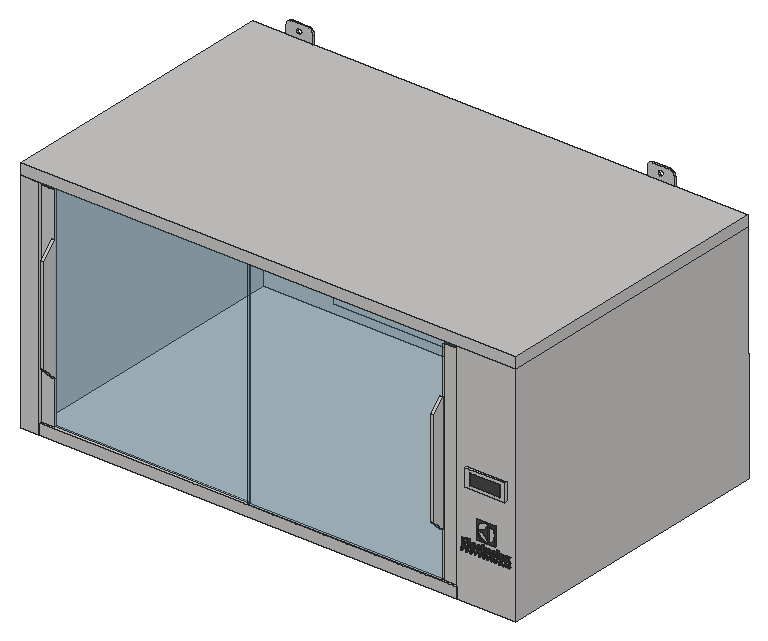
Revit family "QF_ELECTROLUXPROFESSIONAL_240428_SAFEBOXSUK", category Specialty Equipment, Revit 2018
Family settings
  Round Connector Dimension = Use Diameter
  Part Type = Normal
  Work Plane-Based = No
  Always vertical = Yes
  Cut with Voids When Loaded = No
  Shared = No
  Room Calculation Point = No
Parameters (values of type "Standard")
  Weight = 36.00 kg
  Watts = 0 W
  Volts = 220 V
  URL Manufacturer = "http://professional.electrolux.com"
  URL = "http://professional.electrolux.com"
  Steam Supply Size = 0 mm
  Steam Supply Minimum Pressure = 0.0 Pa
  Steam Supply Maximum Pressure = 0.0 Pa
  Steam Pounds per Hour = 0
  Refrigeration Suction Line Size = 0 mm
  Refrigeration Liquid Line Size = 0 mm
  Refrigerant Compressor Remote = yes
  Manufacturer = "Electrolux Professional"
  Phase = 1
  Model = "SAFEBOXSUK"
  Length Actual = 920.0 mm  # constant formula
  Item Number = "240428"
  Hot Water Size = 0 mm
  Height Actual = 450.0 mm  # constant formula
  HP = "0.8 HP"
  Gas Size = 0 mm
  Gas KW = 0
  Gas Input Pressure = 0 W
  Direct Waste Size = 0 mm
  Description = "SAFEBOX HOLD WARMING CONTAINER FOR FOOD PICK UP, TAKE AWAY AND DELIVERY (UK PLUG)"
  Depth Actual = 590.0 mm  # constant formula
  Cycle = 50 Hz
  Condensate Return Size = 0 mm
  Compressed Air Volume = 0.0 L/s
  Compressed Air Size = 0 mm
  Compressed Air Pressure = 0.0 Pa
  Cold Water Size = 0 mm
  Accessory = yes
Types (2, lengths in mm): name | URL | Manufacturer | Phase | Model | Description
  (no name) | 0.0 | 0.0 | 0 | 0.0 | 0.0
  Standard | "http://professional.electrolux.com" | "Electrolux Professional" | 1 | "SAFEBOXSUK" | "SAFEBOX HOLD WARMING CONTAINER FOR FOOD PICK UP, TAKE AWAY AND DELIVERY (UK PLUG)"
Values of the unnamed type that differ from the named types
  Volts = 0 V
  URL Manufacturer = ""
  Item Number = ""
  Cycle = 0 Hz
Reference planes
  plane 1 "Center (Front/Back)": y = 0
  plane 2: z = 0
  plane 3 "Center (Left/Right)": x = 0
  plane 4 "LEFT": x = -460
  plane 5 "RIGHT": x = 460
  plane 6 "BACK": y = 270
  plane 7 "FRONT": y = -270
  plane 8 "Base": z = 11
  plane 9 "TOP": z = 451
  plane 10: x = -430
  plane 11: y = 250
  plane 12: y = -220
  plane 13: x = 360
Forms (mm)
  Extrusion 1, solid, material "QF_Finishes_Stainless Steel"
    sketch origin (0, 0, 11) x (0, 1, 0) y (-1, 0, 0)
      loop
        line (270, 460) -> (-270, 460) -> (-270, 425) -> (250, 425) -> (250, -350) -> (-270, -350) -> (-270, -460) -> (270, -460) -> (270, 460)
    from 0 to 420
  Extrusion 2, solid, material "QF_Finishes_Stainless Steel"
    sketch origin (0, 0, 451) x (0, 1, 0) y (-1, 0, 0)
      loop
        line (270, 460) -> (-270, 460) -> (-270, -460) -> (270, -460) -> (270, 460)
    from 0 to -20
  Extrusion 3, void
    sketch origin (0, -270, 0) x (-1, 0, 0) y (0, 0, 1)
      loop
        line (140.985, 386.837) -> (-115, 386.837) -> (-115, 166) -> (140.985, 166) -> (140.985, 386.837)
    from 520 to 540
  Extrusion 4, solid, material "QF_Finishes_Stainless Steel"
    sketch origin (460, 0, 0) x (0, 1, 0) y (0, 0, 1)
      loop
        line (250, 386.837) -> (250, 166) -> (320, 166) -> (320, 386.837) -> (250, 386.837)
    from -600.985 to -345
  Extrusion 5, solid, material "QF_Finishes_Stainless Steel"
    sketch origin (0, 270, 0) x (-1, 0, 0) y (0, 0, 1)
      loop
        line (260.985, 386.837) -> (-235, 386.837) -> (-235, 76) -> (260.985, 76) -> (260.985, 386.837)
    from 0 to -60
  Extrusion 6, solid, material "Glass"
    sketch origin (0, -270, 0) x (-1, 0, 0) y (0, 0, 1)
      loop
        line (425, 431) -> (37.5, 431) -> (37.5, 31) -> (400, 31) -> (400, 426) -> (425, 426) -> (425, 431)
    from 4 to 8
  Extrusion 7, solid, material "Glass"
    sketch origin (385, -270, 0) x (-1, 0, 0) y (0, 0, 1)
      loop
        line (422.5, 431) -> (35, 431) -> (35, 426) -> (60, 426) -> (60, 31) -> (422.5, 31) -> (422.5, 431)
    from 0 to 4
  Extrusion 8, solid, material "QF_Finishes_Stainless Steel"
    sketch origin (0, 0, 0) x (0, 1, 0) y (0, 0, 1)
      loop
        line (-266, 112) -> (-266, 342.426) -> (-291.213, 317.213) -> (-291.213, 137.213) -> (-266, 112)
    from -400 to -405
  Extrusion 9, solid, material "QF_Finishes_Stainless Steel"
    sketch origin (0, -270, 0) x (-1, 0, 0) y (0, 0, 1)
      loop
        line (-350, 426) -> (-350, 31) -> (-325, 31) -> (-325, 426) -> (-350, 426)
      loop
        line (400, 426) -> (400, 31) -> (425, 31) -> (425, 426) -> (400, 426)
    from 4 to 8
  Extrusion 10, solid, material "QF_Finishes_Stainless Steel"
    sketch origin (0, 0, 451) x (0, 1, 0) y (-1, 0, 0)
      loop
        line (270, 425) -> (-270, 425) -> (-270, -350) -> (270, -350) -> (270, 425)
    from -420 to -440
  Extrusion 11, solid, material "QF_Finishes_Stainless Steel"
    sketch origin (0, 0, 0) x (0, 1, 0) y (0, 0, 1)
      loop
        line (-270, 116) -> (-270, 338.426) -> (-291.213, 317.213) -> (-291.213, 137.213) -> (-270, 116)
    from 325 to 320
  Extrusion 12, solid, material "QF_Finishes_Stainless Steel"
    sketch origin (0, -270, 0) x (-1, 0, 0) y (0, 0, 1)
      loop
        line (-368.864, 238.032) -> (-443.864, 238.032) -> (-443.864, 206) -> (-368.864, 206) -> (-368.864, 238.032)
      loop
        line (-378.864, 233.032) -> (-433.864, 233.032) -> (-433.864, 211) -> (-378.864, 211) -> (-378.864, 233.032)
    from 0 to -5
  Extrusion 13, solid, material "QF_Finishes_Black"
    sketch origin (0, -270, 0) x (-1, 0, 0) y (0, 0, 1)
      loop
        line (-378.864, 233.032) -> (-433.864, 233.032) -> (-433.864, 211) -> (-378.864, 211) -> (-378.864, 233.032)
    from 0 to -5
  Extrusion 14, solid, material "QF_Finishes_Stainless Steel"
    sketch origin (0, 270, 0) x (-1, 0, 0) y (0, 0, 1)
      loop
        circle (-420, 40) r 10
    from 0 to 2
  Extrusion 15, solid, material "QF_Finishes_Rubber Black"
    sketch origin (0, 0, 0) x (1, 0, 0) y (0, 1, 0)
      loop
        circle (-430, 250) r 15
      loop
        circle (360, 250) r 15
      loop
        circle (-430, -220) r 15
      loop
        circle (360, -220) r 15
    from 0 to 7
  Extrusion 16, solid, material "QF_Finishes_Stainless Steel"
    sketch origin (0, 0, 0) x (1, 0, 0) y (0, 1, 0)
      loop
        circle (-430, 250) r 12.5
      loop
        circle (360, 250) r 12.5
      loop
        circle (-430, -220) r 12.5
      loop
        circle (360, -220) r 12.5
    from 11 to 7
  Extrusion 17, solid, material "QF_Finishes_Black"
    sketch origin (0, -270, 0) x (-1, 0, 0) y (0, 0, 1)
      loop
        line (-365.303, 106.172) -> (-369.867, 106.172) -> (-369.867, 103.843) -> (-365.283, 103.843) -> (-364.31, 103.912)
        spline (-364.31, 103.912) -> (-363.72, 104.027) -> (-363.188, 104.196) -> (-362.713, 104.417) -> (-362.293, 104.688) -> (-361.928, 105.008) -> (-361.615, 105.374) -> (-361.354, 105.784) -> (-361.143, 106.237) -> (-360.981, 106.73) -> (-360.867, 107.261) -> (-360.8, 107.829) -> (-360.778, 108.432)
        line (-360.778, 108.432) -> (-360.778, 118.232) -> (-369.694, 118.232) -> (-369.694, 115.901) -> (-363.255, 115.901) -> (-363.255, 112.497) -> (-369.309, 112.497) -> (-369.309, 110.16) -> (-363.256, 110.16) -> (-363.256, 108.326)
        spline (-363.256, 108.326) -> (-363.281, 107.913) -> (-363.353, 107.553) -> (-363.465, 107.245) -> (-363.612, 106.983) -> (-363.787, 106.765) -> (-363.984, 106.587) -> (-364.198, 106.446) -> (-364.423, 106.338) -> (-364.651, 106.26) -> (-364.878, 106.209) -> (-365.097, 106.18) -> (-365.303, 106.172)
      loop
        line (-371.627, 111.433) -> (-371.627, 118.236) -> (-374.105, 118.236) -> (-374.105, 103.839) -> (-371.627, 103.839) -> (-371.627, 111.433)
      loop
        line (-386.378, 109.309) -> (-386.336, 108.438) -> (-378.204, 108.438)
        spline (-378.204, 108.438) -> (-378.248, 108.035) -> (-378.338, 107.658) -> (-378.472, 107.309) -> (-378.648, 106.99) -> (-378.864, 106.701) -> (-379.119, 106.446) -> (-379.411, 106.225) -> (-379.737, 106.04) -> (-380.097, 105.893) -> (-380.488, 105.786) -> (-380.909, 105.721) -> (-381.357, 105.699)
        spline (-381.357, 105.699) -> (-381.663, 105.707) -> (-381.951, 105.733) -> (-382.221, 105.776) -> (-382.476, 105.836) -> (-382.717, 105.912) -> (-382.947, 106.005) -> (-383.167, 106.114) -> (-383.378, 106.24) -> (-383.583, 106.382) -> (-383.784, 106.539) -> (-383.982, 106.713) -> (-384.179, 106.902)
        line (-384.179, 106.902) -> (-385.672, 105.45)
        spline (-385.672, 105.45) -> (-385.333, 105.112) -> (-384.988, 104.814) -> (-384.638, 104.554) -> (-384.283, 104.329) -> (-383.923, 104.138) -> (-383.559, 103.979) -> (-383.19, 103.85) -> (-382.816, 103.748) -> (-382.437, 103.673) -> (-382.054, 103.621) -> (-381.666, 103.592) -> (-381.274, 103.583)
        spline (-381.274, 103.583) -> (-380.471, 103.626) -> (-379.714, 103.756) -> (-379.009, 103.967) -> (-378.359, 104.258) -> (-377.77, 104.624) -> (-377.245, 105.062) -> (-376.789, 105.568) -> (-376.406, 106.141) -> (-376.1, 106.775) -> (-375.877, 107.468) -> (-375.739, 108.217) -> (-375.693, 109.018)
        spline (-375.693, 109.018) -> (-375.741, 109.838) -> (-375.882, 110.605) -> (-376.111, 111.315) -> (-376.422, 111.965) -> (-376.81, 112.55) -> (-377.268, 113.068) -> (-377.793, 113.516) -> (-378.378, 113.889) -> (-379.018, 114.186) -> (-379.707, 114.402) -> (-380.44, 114.534) -> (-381.212, 114.579)
        spline (-381.212, 114.579) -> (-381.967, 114.531) -> (-382.675, 114.391) -> (-383.332, 114.167) -> (-383.934, 113.862) -> (-384.479, 113.485) -> (-384.962, 113.041) -> (-385.38, 112.535) -> (-385.73, 111.975) -> (-386.008, 111.366) -> (-386.211, 110.715) -> (-386.336, 110.027) -> (-386.378, 109.309)
      loop
        line (-383.847, 110.18) -> (-378.266, 110.18)
        spline (-378.266, 110.18) -> (-378.316, 110.491) -> (-378.412, 110.789) -> (-378.551, 111.071) -> (-378.73, 111.334) -> (-378.945, 111.577) -> (-379.194, 111.796) -> (-379.473, 111.988) -> (-379.78, 112.152) -> (-380.11, 112.284) -> (-380.461, 112.381) -> (-380.829, 112.442) -> (-381.212, 112.462)
        spline (-381.212, 112.462) -> (-381.569, 112.441) -> (-381.911, 112.38) -> (-382.236, 112.281) -> (-382.54, 112.147) -> (-382.821, 111.982) -> (-383.074, 111.788) -> (-383.297, 111.568) -> (-383.486, 111.325) -> (-383.639, 111.062) -> (-383.752, 110.781) -> (-383.823, 110.487) -> (-383.847, 110.18)
      loop
        spline (-390.126, 109.081) -> (-390.155, 108.619) -> (-390.238, 108.182) -> (-390.372, 107.772) -> (-390.554, 107.392) -> (-390.781, 107.044) -> (-391.05, 106.734) -> (-391.356, 106.462) -> (-391.697, 106.233) -> (-392.069, 106.049) -> (-392.47, 105.914) -> (-392.895, 105.831) -> (-393.342, 105.803)
        spline (-393.342, 105.803) -> (-393.616, 105.811) -> (-393.879, 105.837) -> (-394.131, 105.879) -> (-394.372, 105.937) -> (-394.603, 106.011) -> (-394.826, 106.101) -> (-395.039, 106.206) -> (-395.245, 106.325) -> (-395.443, 106.459) -> (-395.634, 106.607) -> (-395.819, 106.769) -> (-395.998, 106.944)
        line (-395.998, 106.944) -> (-397.533, 105.346)
        spline (-397.533, 105.346) -> (-397.228, 105.04) -> (-396.913, 104.766) -> (-396.589, 104.521) -> (-396.258, 104.306) -> (-395.918, 104.12) -> (-395.57, 103.961) -> (-395.215, 103.829) -> (-394.853, 103.723) -> (-394.484, 103.642) -> (-394.109, 103.585) -> (-393.729, 103.552) -> (-393.342, 103.541)
        spline (-393.342, 103.541) -> (-392.568, 103.589) -> (-391.826, 103.729) -> (-391.124, 103.957) -> (-390.467, 104.267) -> (-389.863, 104.654) -> (-389.317, 105.113) -> (-388.838, 105.638) -> (-388.431, 106.224) -> (-388.102, 106.867) -> (-387.86, 107.561) -> (-387.709, 108.3) -> (-387.658, 109.081)
        spline (-387.658, 109.081) -> (-387.709, 109.861) -> (-387.86, 110.6) -> (-388.102, 111.294) -> (-388.431, 111.937) -> (-388.838, 112.523) -> (-389.317, 113.049) -> (-389.863, 113.507) -> (-390.467, 113.894) -> (-391.124, 114.204) -> (-391.826, 114.432) -> (-392.568, 114.572) -> (-393.342, 114.62)
        spline (-393.342, 114.62) -> (-393.729, 114.609) -> (-394.109, 114.576) -> (-394.484, 114.519) -> (-394.853, 114.438) -> (-395.215, 114.332) -> (-395.57, 114.2) -> (-395.918, 114.041) -> (-396.258, 113.855) -> (-396.589, 113.64) -> (-396.913, 113.395) -> (-397.228, 113.121) -> (-397.533, 112.815)
        line (-397.533, 112.815) -> (-395.998, 111.217)
        spline (-395.998, 111.217) -> (-395.819, 111.392) -> (-395.634, 111.554) -> (-395.443, 111.702) -> (-395.245, 111.836) -> (-395.039, 111.956) -> (-394.826, 112.06) -> (-394.603, 112.15) -> (-394.372, 112.224) -> (-394.131, 112.282) -> (-393.879, 112.324) -> (-393.616, 112.35) -> (-393.342, 112.359)
        spline (-393.342, 112.359) -> (-392.895, 112.33) -> (-392.47, 112.247) -> (-392.069, 112.112) -> (-391.697, 111.928) -> (-391.356, 111.699) -> (-391.05, 111.427) -> (-390.781, 111.117) -> (-390.554, 110.769) -> (-390.372, 110.389) -> (-390.238, 109.979) -> (-390.155, 109.542) -> (-390.126, 109.081)
      loop
        line (-403.852, 106.168) -> (-403.843, 103.839) -> (-402.797, 103.887)
        spline (-402.797, 103.887) -> (-402.209, 103.986) -> (-401.675, 104.138) -> (-401.195, 104.342) -> (-400.766, 104.596) -> (-400.389, 104.897) -> (-400.061, 105.244) -> (-399.782, 105.635) -> (-399.55, 106.068) -> (-399.365, 106.542) -> (-399.225, 107.053) -> (-399.129, 107.602) -> (-399.076, 108.185)
        line (-399.076, 108.185) -> (-399.076, 118.236) -> (-401.555, 118.236) -> (-401.555, 114.25) -> (-403.806, 114.25) -> (-403.806, 111.998) -> (-401.551, 111.998) -> (-401.551, 108.326)
        spline (-401.551, 108.326) -> (-401.603, 107.889) -> (-401.701, 107.513) -> (-401.839, 107.193) -> (-402.01, 106.924) -> (-402.209, 106.704) -> (-402.429, 106.527) -> (-402.664, 106.391) -> (-402.909, 106.29) -> (-403.156, 106.222) -> (-403.399, 106.181) -> (-403.634, 106.165) -> (-403.852, 106.168)
      loop
        line (-412.191, 114.394) -> (-412.191, 111.998) -> (-411.158, 112.101)
        spline (-411.158, 112.101) -> (-410.743, 112.079) -> (-410.355, 112.014) -> (-409.996, 111.907) -> (-409.668, 111.759) -> (-409.372, 111.573) -> (-409.111, 111.35) -> (-408.885, 111.091) -> (-408.697, 110.798) -> (-408.547, 110.472) -> (-408.438, 110.115) -> (-408.372, 109.728) -> (-408.349, 109.313)
        line (-408.349, 109.313) -> (-408.349, 103.839) -> (-405.891, 103.839) -> (-405.891, 114.249) -> (-408.349, 114.249) -> (-408.349, 112.701)
        spline (-408.349, 112.701) -> (-408.54, 112.99) -> (-408.758, 113.255) -> (-409.003, 113.497) -> (-409.272, 113.712) -> (-409.565, 113.902) -> (-409.881, 114.063) -> (-410.218, 114.196) -> (-410.576, 114.3) -> (-410.954, 114.372) -> (-411.349, 114.413) -> (-411.762, 114.421) -> (-412.191, 114.394)
      loop
        spline (-423.931, 109.044) -> (-423.879, 108.281) -> (-423.728, 107.553) -> (-423.485, 106.867) -> (-423.156, 106.229) -> (-422.748, 105.644) -> (-422.268, 105.118) -> (-421.723, 104.657) -> (-421.119, 104.266) -> (-420.463, 103.953) -> (-419.762, 103.721) -> (-419.022, 103.578) -> (-418.251, 103.529)
        spline (-418.251, 103.529) -> (-417.475, 103.578) -> (-416.733, 103.721) -> (-416.03, 103.953) -> (-415.374, 104.266) -> (-414.77, 104.657) -> (-414.225, 105.118) -> (-413.747, 105.644) -> (-413.341, 106.229) -> (-413.013, 106.867) -> (-412.772, 107.553) -> (-412.622, 108.281) -> (-412.57, 109.044)
        spline (-412.57, 109.044) -> (-412.622, 109.808) -> (-412.772, 110.536) -> (-413.013, 111.222) -> (-413.341, 111.86) -> (-413.747, 112.445) -> (-414.225, 112.971) -> (-414.77, 113.432) -> (-415.374, 113.822) -> (-416.03, 114.136) -> (-416.733, 114.367) -> (-417.475, 114.51) -> (-418.251, 114.559)
        spline (-418.251, 114.559) -> (-419.022, 114.51) -> (-419.762, 114.367) -> (-420.463, 114.136) -> (-421.119, 113.822) -> (-421.723, 113.432) -> (-422.268, 112.971) -> (-422.748, 112.445) -> (-423.156, 111.86) -> (-423.485, 111.222) -> (-423.728, 110.536) -> (-423.879, 109.808) -> (-423.931, 109.044)
      loop
        spline (-421.473, 109.044) -> (-421.444, 108.594) -> (-421.36, 108.164) -> (-421.225, 107.759) -> (-421.041, 107.381) -> (-420.813, 107.035) -> (-420.543, 106.723) -> (-420.236, 106.45) -> (-419.894, 106.218) -> (-419.521, 106.032) -> (-419.121, 105.895) -> (-418.696, 105.81) -> (-418.251, 105.78)
        spline (-418.251, 105.78) -> (-417.801, 105.81) -> (-417.374, 105.895) -> (-416.972, 106.032) -> (-416.599, 106.218) -> (-416.257, 106.45) -> (-415.951, 106.723) -> (-415.683, 107.035) -> (-415.456, 107.381) -> (-415.274, 107.759) -> (-415.14, 108.164) -> (-415.058, 108.594) -> (-415.029, 109.044)
        spline (-415.029, 109.044) -> (-415.058, 109.495) -> (-415.14, 109.924) -> (-415.274, 110.33) -> (-415.456, 110.708) -> (-415.683, 111.054) -> (-415.951, 111.366) -> (-416.257, 111.639) -> (-416.599, 111.87) -> (-416.972, 112.056) -> (-417.374, 112.194) -> (-417.801, 112.279) -> (-418.251, 112.308)
        spline (-418.251, 112.308) -> (-418.696, 112.279) -> (-419.121, 112.194) -> (-419.521, 112.056) -> (-419.894, 111.87) -> (-420.236, 111.639) -> (-420.543, 111.366) -> (-420.813, 111.054) -> (-421.041, 110.708) -> (-421.225, 110.33) -> (-421.36, 109.924) -> (-421.444, 109.495) -> (-421.473, 109.044)
      loop
        line (-425.455, 111.681) -> (-425.455, 118.236) -> (-427.935, 118.236) -> (-427.935, 103.839) -> (-425.455, 103.839) -> (-425.455, 111.681)
      loop
        line (-436.874, 114.249) -> (-439.372, 114.249) -> (-439.372, 108.032)
        spline (-439.372, 108.032) -> (-439.327, 107.311) -> (-439.198, 106.654) -> (-438.989, 106.062) -> (-438.708, 105.535) -> (-438.361, 105.071) -> (-437.952, 104.67) -> (-437.49, 104.332) -> (-436.98, 104.057) -> (-436.428, 103.843) -> (-435.84, 103.691) -> (-435.222, 103.601) -> (-434.581, 103.57)
        spline (-434.581, 103.57) -> (-433.945, 103.6) -> (-433.332, 103.69) -> (-432.749, 103.839) -> (-432.202, 104.05) -> (-431.696, 104.322) -> (-431.237, 104.655) -> (-430.833, 105.05) -> (-430.488, 105.507) -> (-430.209, 106.028) -> (-430.003, 106.611) -> (-429.874, 107.259) -> (-429.83, 107.97)
        line (-429.83, 107.97) -> (-429.83, 114.249) -> (-432.33, 114.249) -> (-432.33, 108.176)
        spline (-432.33, 108.176) -> (-432.349, 107.788) -> (-432.407, 107.437) -> (-432.502, 107.124) -> (-432.629, 106.847) -> (-432.789, 106.605) -> (-432.977, 106.398) -> (-433.193, 106.225) -> (-433.434, 106.085) -> (-433.697, 105.978) -> (-433.981, 105.902) -> (-434.283, 105.857) -> (-434.601, 105.843)
        spline (-434.601, 105.843) -> (-434.919, 105.857) -> (-435.222, 105.902) -> (-435.506, 105.978) -> (-435.769, 106.086) -> (-436.01, 106.227) -> (-436.226, 106.401) -> (-436.414, 106.609) -> (-436.574, 106.853) -> (-436.702, 107.133) -> (-436.796, 107.45) -> (-436.854, 107.804) -> (-436.874, 108.198)
        line (-436.874, 108.198) -> (-436.874, 114.249)
      loop
        line (-448.75, 107.168) -> (-451.132, 103.839) -> (-448.467, 103.839) -> (-445.823, 107.516) -> (-443.179, 103.839) -> (-440.515, 103.839) -> (-442.307, 106.335) -> (-444.46, 109.334) -> (-442.406, 112.143) -> (-440.866, 114.249) -> (-443.551, 114.249) -> (-445.823, 111.13) -> (-448.075, 114.249) -> (-450.781, 114.249) -> (-449.123, 111.991) -> (-447.187, 109.354) -> (-448.75, 107.168)
      loop
        arc (-362.172, 101.574) -> (-363.817, 99.929) -> (-362.172, 98.284) r 1.645
        line (-362.172, 98.284) -> (-361.277, 98.284) -> (-361.277, 96.598) -> (-360.254, 96.598) -> (-360.254, 101.574) -> (-362.172, 101.574)
      loop
        arc (-362.13, 100.634) -> (-362.835, 99.929) -> (-362.13, 99.225) r 0.704
        line (-362.13, 99.225) -> (-361.277, 99.225) -> (-361.277, 100.634) -> (-362.13, 100.634)
      loop
        arc (-369.98, 101.574) -> (-371.128, 101.107) -> (-371.622, 99.97) r 1.643
        arc (-371.622, 99.97) -> (-371.405, 99.145) -> (-370.78, 98.564) r 1.536
        line (-370.78, 98.564) -> (-371.975, 96.598) -> (-370.813, 96.598) -> (-369.832, 98.23) -> (-369.051, 98.312) -> (-369.051, 96.598) -> (-368.028, 96.598) -> (-368.028, 101.574) -> (-369.98, 101.574)
      loop
        line (-369.891, 99.245) -> (-369.051, 99.245) -> (-369.051, 100.634) -> (-369.959, 100.634)
        arc (-369.959, 100.634) -> (-370.586, 99.907) -> (-369.891, 99.245) r 0.696
      loop
        circle (-378.328, 99.086) r 2.585
      loop
        circle (-378.328, 99.086) r 1.64
      loop
        line (-385.193, 101.574) -> (-388.269, 101.574) -> (-388.269, 100.634) -> (-386.217, 100.634) -> (-386.217, 99.584) -> (-388.089, 99.584) -> (-388.089, 98.644) -> (-386.217, 98.644) -> (-386.217, 96.598) -> (-385.193, 96.598) -> (-385.193, 101.574)
      loop
        line (-392.491, 101.574) -> (-395.642, 101.574) -> (-395.642, 100.634) -> (-393.514, 100.634) -> (-393.514, 99.769) -> (-395.504, 99.769) -> (-395.504, 98.987) -> (-393.514, 98.987) -> (-393.514, 98.16)
        arc (-393.514, 98.16) -> (-393.741, 97.612) -> (-394.289, 97.385) r 0.775
        line (-394.289, 97.385) -> (-395.691, 97.385) -> (-395.691, 96.598) -> (-394.083, 96.598)
        arc (-394.083, 96.598) -> (-392.95, 97.072) -> (-392.491, 98.212) r 1.593
        line (-392.491, 98.212) -> (-392.491, 101.574)
      loop
        arc (-402.384, 100.269) -> (-401.963, 100.602) -> (-401.439, 100.718) r 1.197
        arc (-401.439, 100.718) -> (-400.968, 100.342) -> (-401.294, 99.834) r 0.45
        arc (-401.294, 99.834) -> (-401.859, 99.623) -> (-402.409, 99.377) r 9.883
        arc (-402.409, 99.377) -> (-402.845, 99.093) -> (-403.185, 98.7) r 1.876
        arc (-403.185, 98.7) -> (-403.343, 97.847) -> (-403.037, 97.035) r 1.618
        arc (-403.037, 97.035) -> (-402.346, 96.668) -> (-401.579, 96.515) r 2.696
        arc (-401.579, 96.515) -> (-400.959, 96.578) -> (-400.385, 96.823) r 2.063
        arc (-400.385, 96.823) -> (-399.932, 97.214) -> (-399.622, 97.725) r 1.914
        line (-399.622, 97.725) -> (-400.404, 98.216)
        arc (-400.404, 98.216) -> (-400.668, 97.808) -> (-401.089, 97.567) r 1.033
        arc (-401.089, 97.567) -> (-401.662, 97.452) -> (-402.203, 97.672) r 1.016
        arc (-402.203, 97.672) -> (-402.359, 98.025) -> (-402.162, 98.356) r 0.42
        arc (-402.162, 98.356) -> (-401.656, 98.632) -> (-401.122, 98.849) r 5.041
        arc (-401.122, 98.849) -> (-400.544, 99.153) -> (-400.1, 99.632) r 1.928
        arc (-400.1, 99.632) -> (-399.987, 100.071) -> (-399.976, 100.524) r 1.985
        arc (-399.976, 100.524) -> (-400.091, 100.911) -> (-400.349, 101.222) r 1.013
        arc (-400.349, 101.222) -> (-400.896, 101.533) -> (-401.512, 101.657) r 1.974
        arc (-401.512, 101.657) -> (-402.438, 101.438) -> (-403.12, 100.774) r 1.782
        line (-403.12, 100.774) -> (-402.384, 100.269)
      loop
        arc (-409.903, 100.269) -> (-409.482, 100.602) -> (-408.958, 100.718) r 1.197
        arc (-408.958, 100.718) -> (-408.486, 100.342) -> (-408.812, 99.834) r 0.45
        arc (-408.812, 99.834) -> (-409.377, 99.623) -> (-409.928, 99.377) r 9.883
        arc (-409.928, 99.377) -> (-410.363, 99.093) -> (-410.703, 98.7) r 1.876
        arc (-410.703, 98.7) -> (-410.861, 97.847) -> (-410.556, 97.035) r 1.618
        arc (-410.556, 97.035) -> (-409.865, 96.668) -> (-409.097, 96.515) r 2.696
        arc (-409.097, 96.515) -> (-408.477, 96.578) -> (-407.903, 96.823) r 2.063
        arc (-407.903, 96.823) -> (-407.451, 97.214) -> (-407.141, 97.725) r 1.914
        line (-407.141, 97.725) -> (-407.922, 98.216)
        arc (-407.922, 98.216) -> (-408.186, 97.808) -> (-408.607, 97.567) r 1.033
        arc (-408.607, 97.567) -> (-409.18, 97.452) -> (-409.721, 97.672) r 1.016
        arc (-409.721, 97.672) -> (-409.877, 98.025) -> (-409.68, 98.356) r 0.42
        arc (-409.68, 98.356) -> (-409.174, 98.632) -> (-408.64, 98.849) r 5.041
        arc (-408.64, 98.849) -> (-408.062, 99.153) -> (-407.619, 99.632) r 1.928
        arc (-407.619, 99.632) -> (-407.505, 100.071) -> (-407.494, 100.524) r 1.985
        arc (-407.494, 100.524) -> (-407.61, 100.911) -> (-407.868, 101.222) r 1.013
        arc (-407.868, 101.222) -> (-408.414, 101.533) -> (-409.03, 101.657) r 1.974
        arc (-409.03, 101.657) -> (-409.956, 101.438) -> (-410.638, 100.774) r 1.782
        line (-410.638, 100.774) -> (-409.903, 100.269)
      loop
        line (-415.094, 101.574) -> (-416.118, 101.574) -> (-416.118, 96.598) -> (-415.094, 96.598) -> (-415.094, 101.574)
      loop
        circle (-423.017, 99.086) r 1.548
      loop
        circle (-423.017, 99.086) r 2.585
      loop
        line (-429.882, 96.598) -> (-429.882, 101.574) -> (-430.878, 101.574) -> (-433.154, 98.351) -> (-433.154, 101.574) -> (-434.188, 101.574) -> (-434.188, 96.598) -> (-433.193, 96.598) -> (-430.916, 99.727) -> (-430.916, 96.598) -> (-429.882, 96.598)
      loop
        line (-439.347, 96.598) -> (-438.249, 96.598) -> (-440.753, 101.574) -> (-443.258, 96.598) -> (-442.158, 96.598) -> (-441.673, 97.671) -> (-439.832, 97.671) -> (-439.347, 96.598)
      loop
        line (-440.753, 99.714) -> (-441.214, 98.692) -> (-440.291, 98.692) -> (-440.753, 99.714)
      loop
        line (-448.34, 97.539) -> (-450.254, 97.539) -> (-450.254, 96.598) -> (-447.317, 96.598) -> (-447.317, 101.574) -> (-448.34, 101.574) -> (-448.34, 97.539)
      loop
        line (-388.337, 123.178) -> (-388.337, 157.751) -> (-422.957, 157.751) -> (-422.957, 123.178) -> (-388.337, 123.178)
      loop
        arc (-410.269, 156.054) -> (-421.768, 140.5) -> (-410.269, 124.946) r 16.269
        line (-410.269, 124.946) -> (-410.269, 156.054)
      loop
        arc (-408.687, 153.801) -> (-403.858, 145.134) -> (-394.664, 141.402) r 14.944
        line (-394.664, 141.402) -> (-389.517, 141.402)
        arc (-389.517, 141.402) -> (-395.75, 153.113) -> (-408.687, 156.054) r 15.943
        line (-408.687, 156.054) -> (-408.687, 153.801)
      loop
        line (-389.517, 139.598) -> (-394.664, 139.598)
        arc (-394.664, 139.598) -> (-403.858, 135.866) -> (-408.687, 127.199) r 14.944
        line (-408.687, 127.199) -> (-408.687, 124.547)
        arc (-408.687, 124.547) -> (-395.74, 127.79) -> (-389.517, 139.598) r 16.36
    from 0 to -1.6
  Extrusion 18, solid, material "QF_Finishes_Stainless Steel"
    sketch origin (0, 270, 0) x (-1, 0, 0) y (0, 0, 1)
      loop
        line (398.117, 431) -> (398.117, 466)
        arc (398.117, 466) -> (395.188, 473.071) -> (388.117, 476) r 10
        line (388.117, 476) -> (358.117, 476)
        arc (358.117, 476) -> (351.046, 473.071) -> (348.117, 466) r 10
        line (348.117, 466) -> (348.117, 431) -> (398.117, 431)
      loop
        circle (373.117, 463.03) r 5
      loop
        line (-323.117, 431) -> (-273.117, 431) -> (-273.117, 466)
        arc (-273.117, 466) -> (-276.046, 473.071) -> (-283.117, 476) r 10
        line (-283.117, 476) -> (-313.117, 476)
        arc (-313.117, 476) -> (-320.188, 473.071) -> (-323.117, 466) r 10
        line (-323.117, 466) -> (-323.117, 431)
      loop
        circle (-298.117, 463.03) r 5
    from 1.641 to 0
  Extrusion 19, solid, material "QF_Door-Drawer Clearances", detail levels coarse
    sketch origin (0, 0, 0) x (0, 1, 0) y (0, 0, 1)
      loop
        line (-266, 112) -> (-266, 342.426) -> (-291.213, 317.213) -> (-291.213, 137.213) -> (-266, 112)
    from -63 to -68
  Extrusion 20, solid, material "QF_Door-Drawer Clearances", detail levels coarse
    sketch origin (337, -270, 0) x (-1, 0, 0) y (0, 0, 1)
      loop
        line (400, 426) -> (400, 31) -> (425, 31) -> (425, 426) -> (400, 426)
    from 4 to 8
Cuts and joins
  Extrusion 3 cuts Extrusion 1
  joined: Extrusion 8, Extrusion 9, Extrusion 11
Lines and regions (mm)
  symbolic lines
    curve 1: line (-460, 270, 0) -> (460, 270, 0)
    curve 2: line (-460, -270, 0) -> (-460, 270, 0)
    curve 3: line (460, -270, 0) -> (-460, -270, 0)
    curve 4: line (460, 270, 0) -> (460, -270, 0)
    curve 5: line (115, 320, 0) -> (-140.985, 320, 0)
    curve 6: line (-140.985, 320, 0) -> (-140.985, 270, 0)
    curve 7: line (115, 270, 0) -> (115, 320, 0)
    curve 8: line (-405, -270, 0) -> (-405, -291.213, 0)
    curve 9: line (-405, -291.213, 0) -> (-400, -291.213, 0)
    curve 10: line (-400, -291.213, 0) -> (-400, -270, 0)
    curve 11: line (320, -270, 0) -> (320, -291.213, 0)
    curve 12: line (320, -291.213, 0) -> (325, -291.213, 0)
    curve 13: line (325, -291.213, 0) -> (325, -270, 0)
    curve 17: line (368.864, -275, 0) -> (368.864, -270, 0)
    curve 18: line (368.864, -275, 0) -> (443.864, -275, 0)
    curve 19: line (443.864, -275, 0) -> (443.864, -270, 0)
    curve 20: line (-398.117, 270, 0) -> (-398.117, 271.641, 0)
    curve 21: line (-398.117, 271.641, 0) -> (-348.117, 271.641, 0)
    curve 22: line (-348.117, 271.641, 0) -> (-348.117, 270, 0)
    curve 23: line (273.117, 270, 0) -> (273.117, 271.641, 0)
    curve 24: line (273.117, 271.641, 0) -> (323.117, 271.641, 0)
    curve 25: line (323.117, 271.641, 0) -> (323.117, 270, 0)
    curve 26: line (410, 272, 0) -> (430, 272, 0)
    curve 27: line (430, 272, 0) -> (430, 270, 0)
    curve 28: line (410, 272, 0) -> (410, 270, 0)
  symbolic lines, style "SpecialityEquipmentHiddenLines"
    curve 14: line (-68, -270, 0) -> (-68, -291.213, 0)
    curve 15: line (-68, -291.213, 0) -> (-63, -291.213, 0)
    curve 16: line (-63, -291.213, 0) -> (-63, -270, 0)
Dimensions and locks
  plane 4 "LEFT" to plane 5 "RIGHT" = 920.0 mm
  equal spacing: plane 4 "LEFT", plane 3 "Center (Left/Right)", plane 5 "RIGHT"
  equal spacing: plane 6 "BACK", plane 1 "Center (Front/Back)", plane 7 "FRONT"
  plane 6 "BACK" to plane 7 "FRONT" = 540.0 mm  (x2)
  plane 8 "Base" to level = 11.0 mm
  plane 9 "TOP" to level = 451.0 mm
  plane 9 "TOP" to cut or joined group of Extrusion 1, Extrusion 3 = 64.163 mm
  level to cut or joined group of Extrusion 1, Extrusion 3 = 166.0 mm
  plane 4 "LEFT" to plane 10 = 30.0 mm
  plane 13 to plane 5 "RIGHT" = 100.0 mm
  plane 6 "BACK" to plane 11 = 20.0 mm
  plane 12 to plane 7 "FRONT" = 50.0 mm
  Extrusion 4 to Extrusion 2 = 590.0 mm
  aligned and locked: level to plane 2
Automatic sketch dimensions
  Extrusion 1 sketch curve to plane 4 "LEFT" = 0.0 mm
  Extrusion 1 sketch curve to plane 7 "FRONT" = 0.0 mm  (x2)
  Extrusion 1 sketch curve to plane 5 "RIGHT" = 0.0 mm
  Extrusion 1 sketch curve to plane 11 = 0.0 mm
  Extrusion 1 sketch curve to plane 6 "BACK" = 0.0 mm
  Extrusion 1 sketch curve to plane 13 = 10.0 mm
  plane 10 to Extrusion 1 sketch curve = 5.0 mm
  Extrusion 2 sketch curve to plane 4 "LEFT" = 0.0 mm
  Extrusion 2 sketch curve to plane 7 "FRONT" = 0.0 mm
  Extrusion 2 sketch curve to plane 6 "BACK" = 0.0 mm
  Extrusion 2 sketch curve to plane 5 "RIGHT" = 0.0 mm
  plane 3 "Center (Left/Right)" to Extrusion 3 sketch curve = 115.0 mm
  Extrusion 3 sketch curve to plane 3 "Center (Left/Right)" = 140.985 mm
  plane 8 "Base" to Extrusion 3 sketch curve = 155.0 mm
  Extrusion 3 sketch curve to plane 9 "TOP" = 64.163 mm
  Extrusion 4 sketch curve to plane 11 = 0.0 mm
  plane 6 "BACK" to Extrusion 4 sketch curve = 50.0 mm
  plane 8 "Base" to Extrusion 4 sketch curve = 155.0 mm
  Extrusion 4 sketch curve to plane 9 "TOP" = 64.163 mm
  Extrusion 5 sketch curve to plane 13 = 125.0 mm
  Extrusion 5 sketch curve to plane 9 "TOP" = 64.163 mm
  plane 10 to Extrusion 5 sketch curve = 169.015 mm
  plane 8 "Base" to Extrusion 5 sketch curve = 65.0 mm
  Extrusion 6 sketch curve to plane 3 "Center (Left/Right)" = 37.5 mm
  plane 10 to Extrusion 6 sketch curve = 30.0 mm
  plane 10 to Extrusion 6 sketch curve = 5.0 mm
  plane 8 "Base" to Extrusion 6 sketch curve = 20.0 mm
  Extrusion 6 sketch curve to plane 9 "TOP" = 25.0 mm
  Extrusion 6 sketch curve to plane 9 "TOP" = 20.0 mm
  Extrusion 7 sketch curve to plane 13 = 10.0 mm
  Extrusion 7 sketch curve to plane 13 = 35.0 mm
  Extrusion 7 sketch curve to plane 3 "Center (Left/Right)" = 37.5 mm
  plane 8 "Base" to Extrusion 7 sketch curve = 20.0 mm
  Extrusion 7 sketch curve to plane 9 "TOP" = 25.0 mm
  Extrusion 7 sketch curve to Extrusion 7 sketch curve = 5.0 mm
  Extrusion 8 sketch curve to plane 7 "FRONT" = 21.213 mm
  plane 7 "FRONT" to Extrusion 8 sketch curve = 4.0 mm
  plane 8 "Base" to Extrusion 8 sketch curve = 101.0 mm
  Extrusion 8 sketch curve to Extrusion 8 sketch curve = 25.213 mm  (x2)
  Extrusion 8 sketch curve to plane 9 "TOP" = 133.787 mm
  Extrusion 9 sketch curve to plane 13 = 10.0 mm
  Extrusion 9 sketch curve to Extrusion 9 sketch curve = 25.0 mm
  plane 10 to Extrusion 9 sketch curve = 30.0 mm
  plane 10 to Extrusion 9 sketch curve = 5.0 mm
  plane 8 "Base" to Extrusion 9 sketch curve = 20.0 mm  (x2)
  Extrusion 9 sketch curve to plane 9 "TOP" = 25.0 mm  (x2)
  Extrusion 10 sketch curve to plane 7 "FRONT" = 0.0 mm
  Extrusion 10 sketch curve to plane 6 "BACK" = 0.0 mm
  Extrusion 10 sketch curve to plane 13 = 10.0 mm
  plane 10 to Extrusion 10 sketch curve = 5.0 mm
  Extrusion 11 sketch curve to plane 7 "FRONT" = 0.0 mm
  Extrusion 11 sketch curve to plane 7 "FRONT" = 21.213 mm
  plane 8 "Base" to Extrusion 11 sketch curve = 105.0 mm
  Extrusion 11 sketch curve to Extrusion 11 sketch curve = 21.213 mm  (x2)
  Extrusion 11 sketch curve to plane 9 "TOP" = 133.787 mm
  Extrusion 12 sketch curve to plane 5 "RIGHT" = 16.136 mm
  Extrusion 12 sketch curve to Extrusion 12 sketch curve = 10.0 mm
  plane 13 to Extrusion 12 sketch curve = 18.864 mm
  plane 13 to Extrusion 12 sketch curve = 8.864 mm
  plane 8 "Base" to Extrusion 12 sketch curve = 195.0 mm
  Extrusion 12 sketch curve to Extrusion 12 sketch curve = 5.0 mm  (x2)
  Extrusion 12 sketch curve to Extrusion 12 sketch curve = 22.032 mm
  Extrusion 13 sketch curve to plane 5 "RIGHT" = 26.136 mm
  plane 13 to Extrusion 13 sketch curve = 18.864 mm
  plane 8 "Base" to Extrusion 13 sketch curve = 200.0 mm
  Extrusion 13 sketch curve to Extrusion 13 sketch curve = 22.032 mm
  Extrusion 14 sketch curve to plane 5 "RIGHT" = 40.0 mm
  plane 8 "Base" to Extrusion 14 sketch curve = 29.0 mm
  Extrusion 15 sketch curve to plane 10 = 0.0 mm  (x2)
  Extrusion 15 sketch curve to plane 12 = 0.0 mm  (x2)
  Extrusion 15 sketch curve to plane 13 = 0.0 mm  (x2)
  Extrusion 15 sketch curve to plane 11 = 0.0 mm  (x2)
  Extrusion 16 sketch curve to plane 10 = 0.0 mm  (x2)
  Extrusion 16 sketch curve to plane 12 = 0.0 mm  (x2)
  Extrusion 16 sketch curve to plane 13 = 0.0 mm  (x2)
  Extrusion 16 sketch curve to plane 11 = 0.0 mm  (x2)
  Extrusion 17 sketch curve to Extrusion 17 sketch curve = 0.0 mm  (x37)
  Extrusion 17 sketch curve to plane 5 "RIGHT" = 8.868 mm
  Extrusion 17 sketch curve to plane 5 "RIGHT" = 9.219 mm
  Extrusion 17 sketch curve to Extrusion 17 sketch curve = 0.877 mm
  Extrusion 17 sketch curve to Extrusion 17 sketch curve = 1.658 mm
  Extrusion 17 sketch curve to Extrusion 17 sketch curve = 2.381 mm
  Extrusion 17 sketch curve to Extrusion 17 sketch curve = 2.664 mm
  Extrusion 17 sketch curve to Extrusion 17 sketch curve = 1.914 mm
  Extrusion 17 sketch curve to Extrusion 17 sketch curve = 1.048 mm
  Extrusion 17 sketch curve to Extrusion 17 sketch curve = 1.023 mm  (x5)
  Extrusion 17 sketch curve to Extrusion 17 sketch curve = 1.563 mm
  Extrusion 17 sketch curve to Extrusion 17 sketch curve = 1.364 mm  (x2)
  Extrusion 17 sketch curve to Extrusion 17 sketch curve = 1.363 mm
  Extrusion 17 sketch curve to Extrusion 17 sketch curve = 2.272 mm  (x3)
  Extrusion 17 sketch curve to Extrusion 17 sketch curve = 4.059 mm
  Extrusion 17 sketch curve to Extrusion 17 sketch curve = 2.643 mm
  Extrusion 17 sketch curve to Extrusion 17 sketch curve = 1.145 mm
  Extrusion 17 sketch curve to Extrusion 17 sketch curve = 0.872 mm
  Extrusion 17 sketch curve to Extrusion 17 sketch curve = 1.1 mm
  Extrusion 17 sketch curve to Extrusion 17 sketch curve = 0.485 mm  (x2)
  Extrusion 17 sketch curve to Extrusion 17 sketch curve = 0.459 mm  (x4)
  Extrusion 17 sketch curve to Extrusion 17 sketch curve = 1.54 mm
  Extrusion 17 sketch curve to Extrusion 17 sketch curve = 0.461 mm
  Extrusion 17 sketch curve to Extrusion 17 sketch curve = 0.238 mm
  Extrusion 17 sketch curve to Extrusion 17 sketch curve = 0.922 mm
  Extrusion 17 sketch curve to Extrusion 17 sketch curve = 2.935 mm
  Extrusion 17 sketch curve to Extrusion 17 sketch curve = 1.099 mm
  Extrusion 17 sketch curve to Extrusion 17 sketch curve = 2.498 mm  (x2)
  Extrusion 17 sketch curve to Extrusion 17 sketch curve = 2.273 mm
  Extrusion 17 sketch curve to Extrusion 17 sketch curve = 0.02 mm
  Extrusion 17 sketch curve to Extrusion 17 sketch curve = 4.061 mm
  Extrusion 17 sketch curve to Extrusion 17 sketch curve = 0.995 mm  (x2)
  Extrusion 17 sketch curve to Extrusion 17 sketch curve = 0.039 mm  (x2)
  Extrusion 17 sketch curve to Extrusion 17 sketch curve = 2.277 mm
  Extrusion 17 sketch curve to Extrusion 17 sketch curve = 2.499 mm
  Extrusion 17 sketch curve to Extrusion 17 sketch curve = 1.948 mm
  Extrusion 17 sketch curve to Extrusion 17 sketch curve = 4.375 mm
  Extrusion 17 sketch curve to Extrusion 17 sketch curve = 1.524 mm
  Extrusion 17 sketch curve to Extrusion 17 sketch curve = 2.438 mm
  Extrusion 17 sketch curve to Extrusion 17 sketch curve = 2.458 mm  (x2)
  Extrusion 17 sketch curve to Extrusion 17 sketch curve = 3.221 mm  (x2)
  Extrusion 17 sketch curve to Extrusion 17 sketch curve = 2.133 mm
  Extrusion 17 sketch curve to Extrusion 17 sketch curve = 3.222 mm
  Extrusion 17 sketch curve to Extrusion 17 sketch curve = 2.459 mm
  Extrusion 17 sketch curve to Extrusion 17 sketch curve = 0.379 mm
  Extrusion 17 sketch curve to Extrusion 17 sketch curve = 1.033 mm
  Extrusion 17 sketch curve to Extrusion 17 sketch curve = 4.456 mm
  Extrusion 17 sketch curve to Extrusion 17 sketch curve = 12.687 mm
  Extrusion 17 sketch curve to Extrusion 17 sketch curve = 0.735 mm  (x2)
  Extrusion 17 sketch curve to Extrusion 17 sketch curve = 0.432 mm  (x2)
  Extrusion 17 sketch curve to Extrusion 17 sketch curve = 0.445 mm  (x2)
  Extrusion 17 sketch curve to Extrusion 17 sketch curve = 0.209 mm  (x2)
  Extrusion 17 sketch curve to Extrusion 17 sketch curve = 0.236 mm  (x2)
  Extrusion 17 sketch curve to Extrusion 17 sketch curve = 0.12 mm  (x2)
  Extrusion 17 sketch curve to Extrusion 17 sketch curve = 0.365 mm  (x2)
  Extrusion 17 sketch curve to Extrusion 17 sketch curve = 0.007 mm  (x2)
  Extrusion 17 sketch curve to Extrusion 17 sketch curve = 0.164 mm  (x4)
  Extrusion 17 sketch curve to Extrusion 17 sketch curve = 0.093 mm  (x2)
  Extrusion 17 sketch curve to Extrusion 17 sketch curve = 0.137 mm  (x2)
  Extrusion 17 sketch curve to Extrusion 17 sketch curve = 0.009 mm  (x5)
  Extrusion 17 sketch curve to Extrusion 17 sketch curve = 0.168 mm  (x2)
  Extrusion 17 sketch curve to Extrusion 17 sketch curve = 0.079 mm  (x2)
  Extrusion 17 sketch curve to Extrusion 17 sketch curve = 0.094 mm  (x2)
  Extrusion 17 sketch curve to Extrusion 17 sketch curve = 1.582 mm  (x2)
  Extrusion 17 sketch curve to Extrusion 17 sketch curve = 0.427 mm  (x2)
  Extrusion 17 sketch curve to Extrusion 17 sketch curve = 2.809 mm  (x2)
  Extrusion 17 sketch curve to Extrusion 17 sketch curve = 0.886 mm
  Extrusion 17 sketch curve to Extrusion 17 sketch curve = 0.99 mm  (x2)
  Extrusion 17 sketch curve to Extrusion 17 sketch curve = 0.782 mm  (x3)
  Extrusion 17 sketch curve to Extrusion 17 sketch curve = 0.126 mm  (x2)
  Extrusion 17 sketch curve to Extrusion 17 sketch curve = 2.844 mm
  Extrusion 17 sketch curve to Extrusion 17 sketch curve = 1.389 mm  (x2)
  Extrusion 17 sketch curve to Extrusion 17 sketch curve = 0.343 mm
  Extrusion 17 sketch curve to Extrusion 17 sketch curve = 0.068 mm
  Extrusion 17 sketch curve to Extrusion 17 sketch curve = 2.039 mm
  Extrusion 17 sketch curve to Extrusion 17 sketch curve = 2.048 mm
  Extrusion 17 sketch curve to Extrusion 17 sketch curve = 2.085 mm
  Extrusion 17 sketch curve to Extrusion 17 sketch curve = 0.724 mm
  Extrusion 17 sketch curve to Extrusion 17 sketch curve = 1.046 mm
  Extrusion 17 sketch curve to Extrusion 17 sketch curve = 2.251 mm  (x3)
  Extrusion 17 sketch curve to Extrusion 17 sketch curve = 0.003 mm
  Extrusion 17 sketch curve to Extrusion 17 sketch curve = 2.479 mm
  Extrusion 17 sketch curve to Extrusion 17 sketch curve = 1.543 mm
  Extrusion 17 sketch curve to Extrusion 17 sketch curve = 4.018 mm
  Extrusion 17 sketch curve to Extrusion 17 sketch curve = 1.535 mm  (x2)
  Extrusion 17 sketch curve to Extrusion 17 sketch curve = 3.932 mm
  Extrusion 17 sketch curve to Extrusion 17 sketch curve = 0.048 mm
  Extrusion 17 sketch curve to Extrusion 17 sketch curve = 0.138 mm
  Extrusion 17 sketch curve to Extrusion 17 sketch curve = 10.768 mm
  Extrusion 17 sketch curve to Extrusion 17 sketch curve = 1.215 mm
  Extrusion 17 sketch curve to Extrusion 17 sketch curve = 0.206 mm  (x2)
  Extrusion 17 sketch curve to Extrusion 17 sketch curve = 5.117 mm
  Extrusion 17 sketch curve to Extrusion 17 sketch curve = 14.728 mm
  Extrusion 17 sketch curve to Extrusion 17 sketch curve = 0.569 mm
  Extrusion 17 sketch curve to Extrusion 17 sketch curve = 2.656 mm
  Extrusion 17 sketch curve to Extrusion 17 sketch curve = 0.172 mm
  Extrusion 17 sketch curve to Extrusion 17 sketch curve = 3.216 mm
  Extrusion 17 sketch curve to Extrusion 17 sketch curve = 5.147 mm
  Extrusion 17 sketch curve to Extrusion 17 sketch curve = 5.622 mm
  Extrusion 17 sketch curve to Extrusion 17 sketch curve = 4.222 mm
  Extrusion 17 sketch curve to Extrusion 17 sketch curve = 0.18 mm
  Extrusion 17 sketch curve to Extrusion 17 sketch curve = 2.469 mm
  Extrusion 17 sketch curve to Extrusion 17 sketch curve = 1.28 mm
  Extrusion 17 sketch curve to Extrusion 17 sketch curve = 0.041 mm  (x2)
  Extrusion 17 sketch curve to Extrusion 17 sketch curve = 1.873 mm
  Extrusion 17 sketch curve to Extrusion 17 sketch curve = 0.664 mm
  Extrusion 17 sketch curve to Extrusion 17 sketch curve = 1.494 mm
  Extrusion 17 sketch curve to Extrusion 17 sketch curve = 2.531 mm
  Extrusion 17 sketch curve to Extrusion 17 sketch curve = 2.822 mm
  Extrusion 17 sketch curve to Extrusion 17 sketch curve = 0.083 mm
  Extrusion 17 sketch curve to Extrusion 17 sketch curve = 2.635 mm
  Extrusion 17 sketch curve to Extrusion 17 sketch curve = 2.946 mm  (x2)
  Extrusion 17 sketch curve to Extrusion 17 sketch curve = 0.062 mm
  Extrusion 17 sketch curve to Extrusion 17 sketch curve = 2.511 mm
  Extrusion 17 sketch curve to Extrusion 17 sketch curve = 7.106 mm
  Extrusion 17 sketch curve to Extrusion 17 sketch curve = 6.354 mm
  Extrusion 17 sketch curve to Extrusion 17 sketch curve = 2.478 mm
  Extrusion 17 sketch curve to Extrusion 17 sketch curve = 1.161 mm
  Extrusion 17 sketch curve to Extrusion 17 sketch curve = 0.033 mm
  Extrusion 17 sketch curve to Extrusion 17 sketch curve = 0.694 mm
  Extrusion 17 sketch curve to Extrusion 17 sketch curve = 0.106 mm  (x2)
  Extrusion 17 sketch curve to Extrusion 17 sketch curve = 0.021 mm  (x2)
  Extrusion 17 sketch curve to Extrusion 17 sketch curve = 0.09 mm
  Extrusion 17 sketch curve to Extrusion 17 sketch curve = 1.76 mm
  Extrusion 17 sketch curve to Extrusion 17 sketch curve = 0.948 mm
  Extrusion 17 sketch curve to Extrusion 17 sketch curve = 1.933 mm
  Extrusion 17 sketch curve to Extrusion 17 sketch curve = 2.318 mm
  Extrusion 17 sketch curve to Extrusion 17 sketch curve = 1.762 mm
  Extrusion 17 sketch curve to Extrusion 17 sketch curve = 0.908 mm
  Extrusion 17 sketch curve to Extrusion 17 sketch curve = 4.563 mm
  Extrusion 17 sketch curve to Extrusion 17 sketch curve = 0.973 mm
  plane 13 to Extrusion 17 sketch curve = 3.256 mm
  plane 13 to Extrusion 17 sketch curve = 3.255 mm
  plane 13 to Extrusion 17 sketch curve = 2.172 mm
  plane 13 to Extrusion 17 sketch curve = 1.277 mm
  Extrusion 17 sketch curve to Extrusion 17 sketch curve = 0.853 mm
  plane 13 to Extrusion 17 sketch curve = 0.778 mm
  plane 13 to Extrusion 17 sketch curve = 0.254 mm
  plane 8 "Base" to Extrusion 17 sketch curve = 79.479 mm
  Extrusion 17 sketch curve to Extrusion 17 sketch curve = 3.598 mm  (x2)
  Extrusion 17 sketch curve to Extrusion 17 sketch curve = 2.521 mm  (x3)
  Extrusion 17 sketch curve to Extrusion 17 sketch curve = 6.119 mm  (x2)
  Extrusion 17 sketch curve to Extrusion 17 sketch curve = 0.787 mm
  Extrusion 17 sketch curve to Extrusion 17 sketch curve = 0.941 mm  (x3)
  Extrusion 17 sketch curve to Extrusion 17 sketch curve = 1.073 mm
  Extrusion 17 sketch curve to Extrusion 17 sketch curve = 3.602 mm  (x2)
  Extrusion 17 sketch curve to Extrusion 17 sketch curve = 0.046 mm  (x2)
  Extrusion 17 sketch curve to Extrusion 17 sketch curve = 0.311 mm  (x2)
  Extrusion 17 sketch curve to Extrusion 17 sketch curve = 0.031 mm
  Extrusion 17 sketch curve to Extrusion 17 sketch curve = 0.491 mm  (x2)
  Extrusion 17 sketch curve to Extrusion 17 sketch curve = 1.632 mm
  Extrusion 17 sketch curve to Extrusion 17 sketch curve = 1.686 mm
  Extrusion 17 sketch curve to Extrusion 17 sketch curve = 0.082 mm
  Extrusion 17 sketch curve to Extrusion 17 sketch curve = 1.753 mm
  Extrusion 17 sketch curve to Extrusion 17 sketch curve = 0.014 mm  (x2)
  Extrusion 17 sketch curve to Extrusion 17 sketch curve = 0.109 mm  (x2)
  Extrusion 17 sketch curve to Extrusion 17 sketch curve = 0.334 mm
  Extrusion 17 sketch curve to Extrusion 17 sketch curve = 0.018 mm  (x2)
  Extrusion 17 sketch curve to Extrusion 17 sketch curve = 2.046 mm
  Extrusion 17 sketch curve to Extrusion 17 sketch curve = 1.021 mm  (x2)
  Extrusion 17 sketch curve to Extrusion 17 sketch curve = 0.827 mm
  Extrusion 17 sketch curve to Extrusion 17 sketch curve = 2.488 mm  (x2)
  Extrusion 17 sketch curve to Extrusion 17 sketch curve = 0.631 mm  (x2)
  Extrusion 17 sketch curve to Extrusion 17 sketch curve = 0.934 mm
  Extrusion 17 sketch curve to Extrusion 17 sketch curve = 0.313 mm  (x2)
  Extrusion 17 sketch curve to Extrusion 17 sketch curve = 0.94 mm  (x3)
  Extrusion 17 sketch curve to Extrusion 17 sketch curve = 0.163 mm  (x2)
  Extrusion 17 sketch curve to Extrusion 17 sketch curve = 1.376 mm
  Extrusion 17 sketch curve to Extrusion 17 sketch curve = 0.192 mm  (x2)
  Extrusion 17 sketch curve to Extrusion 17 sketch curve = 0.704 mm
  Extrusion 17 sketch curve to Extrusion 17 sketch curve = 0.686 mm
  Extrusion 17 sketch curve to Extrusion 17 sketch curve = 0.002 mm
  Extrusion 17 sketch curve to Extrusion 17 sketch curve = 0.393 mm  (x4)
  Extrusion 17 sketch curve to Extrusion 17 sketch curve = 0.077 mm  (x2)
  Extrusion 17 sketch curve to Extrusion 17 sketch curve = 0.865 mm
  Extrusion 17 sketch curve to Extrusion 17 sketch curve = 1.05 mm
  Extrusion 17 sketch curve to Extrusion 17 sketch curve = 0.337 mm  (x2)
  Extrusion 17 sketch curve to Extrusion 17 sketch curve = 0.505 mm  (x2)
  Extrusion 17 sketch curve to Extrusion 17 sketch curve = 1.86 mm
  Extrusion 17 sketch curve to Extrusion 17 sketch curve = 4.036 mm
  Extrusion 17 sketch curve to Extrusion 17 sketch curve = 3.224 mm
  Extrusion 17 sketch curve to Extrusion 17 sketch curve = 1.847 mm
  Extrusion 17 sketch curve to Extrusion 17 sketch curve = 0.801 mm
  Extrusion 17 sketch curve to Extrusion 17 sketch curve = 1.955 mm
  Extrusion 17 sketch curve to Extrusion 17 sketch curve = 1.967 mm
  Extrusion 17 sketch curve to Extrusion 17 sketch curve = 1.996 mm
  Extrusion 17 sketch curve to Extrusion 17 sketch curve = 2.008 mm
  Extrusion 17 sketch curve to Extrusion 17 sketch curve = 3.065 mm
  Extrusion 17 sketch curve to Extrusion 17 sketch curve = 2.265 mm  (x4)
  Extrusion 17 sketch curve to Extrusion 17 sketch curve = 0.004 mm  (x2)
  Extrusion 17 sketch curve to Extrusion 17 sketch curve = 0.047 mm
  Extrusion 17 sketch curve to Extrusion 17 sketch curve = 0.07 mm
  Extrusion 17 sketch curve to Extrusion 17 sketch curve = 3.772 mm
  Extrusion 17 sketch curve to Extrusion 17 sketch curve = 3.876 mm
  Extrusion 17 sketch curve to Extrusion 17 sketch curve = 2.116 mm  (x2)
  Extrusion 17 sketch curve to Extrusion 17 sketch curve = 2.262 mm  (x2)
  Extrusion 17 sketch curve to Extrusion 17 sketch curve = 2.329 mm  (x2)
  Extrusion 17 sketch curve to Extrusion 17 sketch curve = 2.496 mm
  Extrusion 17 sketch curve to Extrusion 17 sketch curve = 1.452 mm
  Extrusion 17 sketch curve to Extrusion 17 sketch curve = 1.598 mm  (x2)
  Extrusion 17 sketch curve to Extrusion 17 sketch curve = 3.329 mm
  Extrusion 17 sketch curve to Extrusion 17 sketch curve = 0.348 mm
  Extrusion 17 sketch curve to Extrusion 17 sketch curve = 4.131 mm
  Extrusion 17 sketch curve to Extrusion 17 sketch curve = 1.697 mm
  Extrusion 17 sketch curve to Extrusion 17 sketch curve = 2.839 mm
  Extrusion 17 sketch curve to Extrusion 17 sketch curve = 0.166 mm
  Extrusion 17 sketch curve to Extrusion 17 sketch curve = 0.141 mm
  Extrusion 17 sketch curve to Extrusion 17 sketch curve = 2.155 mm
  Extrusion 17 sketch curve to Extrusion 17 sketch curve = 2.739 mm
  Extrusion 17 sketch curve to Extrusion 17 sketch curve = 0.58 mm
  Extrusion 17 sketch curve to Extrusion 17 sketch curve = 3.264 mm  (x3)
  Extrusion 17 sketch curve to Extrusion 17 sketch curve = 0.643 mm
  Extrusion 17 sketch curve to Extrusion 17 sketch curve = 0.871 mm
  Extrusion 17 sketch curve to Extrusion 17 sketch curve = 0.269 mm
  Extrusion 17 sketch curve to Extrusion 17 sketch curve = 1.817 mm
  Extrusion 17 sketch curve to Extrusion 17 sketch curve = 1.838 mm
  Extrusion 17 sketch curve to Extrusion 17 sketch curve = 3.988 mm
  Extrusion 17 sketch curve to Extrusion 17 sketch curve = 1.743 mm
  Extrusion 17 sketch curve to Extrusion 17 sketch curve = 1.776 mm
  Extrusion 17 sketch curve to Extrusion 17 sketch curve = 4.274 mm
  Extrusion 17 sketch curve to Extrusion 17 sketch curve = 1.273 mm
  Extrusion 17 sketch curve to Extrusion 17 sketch curve = 2.637 mm  (x2)
  Extrusion 17 sketch curve to Extrusion 17 sketch curve = 2.954 mm
  Extrusion 17 sketch curve to Extrusion 17 sketch curve = 3.672 mm
  Extrusion 17 sketch curve to Extrusion 17 sketch curve = 0.103 mm
  Extrusion 17 sketch curve to Extrusion 17 sketch curve = 1.141 mm
  Extrusion 17 sketch curve to Extrusion 17 sketch curve = 2.282 mm
  Extrusion 17 sketch curve to Extrusion 17 sketch curve = 2.338 mm
  Extrusion 17 sketch curve to Extrusion 17 sketch curve = 0.6 mm
  Extrusion 17 sketch curve to Extrusion 17 sketch curve = 2.258 mm
  Extrusion 17 sketch curve to Extrusion 17 sketch curve = 2.106 mm
  Extrusion 17 sketch curve to Extrusion 17 sketch curve = 1.548 mm
  Extrusion 17 sketch curve to Extrusion 17 sketch curve = 6.073 mm
  Extrusion 17 sketch curve to Extrusion 17 sketch curve = 0.001 mm
  Extrusion 17 sketch curve to Extrusion 17 sketch curve = 2.396 mm
  Extrusion 17 sketch curve to Extrusion 17 sketch curve = 3.403 mm
  Extrusion 17 sketch curve to Extrusion 17 sketch curve = 2.331 mm
  Extrusion 17 sketch curve to Extrusion 17 sketch curve = 3.986 mm
  Extrusion 17 sketch curve to Extrusion 17 sketch curve = 3.987 mm
  Extrusion 17 sketch curve to Extrusion 17 sketch curve = 4.942 mm
  Extrusion 17 sketch curve to Extrusion 17 sketch curve = 6.311 mm
  Extrusion 17 sketch curve to Extrusion 17 sketch curve = 1.493 mm
  Extrusion 17 sketch curve to Extrusion 17 sketch curve = 0.4 mm
  Extrusion 17 sketch curve to Extrusion 17 sketch curve = 2.652 mm
  Extrusion 17 sketch curve to Extrusion 17 sketch curve = 0.211 mm
  Extrusion 17 sketch curve to Extrusion 17 sketch curve = 0.054 mm
  Extrusion 17 sketch curve to Extrusion 17 sketch curve = 1.804 mm
  Extrusion 17 sketch curve to Extrusion 17 sketch curve = 2.253 mm
  Extrusion 17 sketch curve to Extrusion 17 sketch curve = 1.698 mm
  Extrusion 17 sketch curve to Extrusion 17 sketch curve = 1.246 mm  (x2)
  Extrusion 17 sketch curve to Extrusion 17 sketch curve = 1.098 mm  (x2)
  Extrusion 17 sketch curve to Extrusion 17 sketch curve = 0.822 mm  (x2)
  Extrusion 17 sketch curve to Extrusion 17 sketch curve = 0.263 mm  (x2)
  Extrusion 17 sketch curve to Extrusion 17 sketch curve = 0.49 mm  (x2)
  Extrusion 17 sketch curve to Extrusion 17 sketch curve = 0.278 mm  (x2)
  Extrusion 17 sketch curve to Extrusion 17 sketch curve = 0.257 mm  (x2)
  Extrusion 17 sketch curve to Extrusion 17 sketch curve = 0.125 mm  (x2)
  plane 9 "TOP" to Extrusion 18 sketch curve = 15.0 mm  (x2)
  Extrusion 18 sketch curve to plane 13 = 36.883 mm
  Extrusion 18 sketch curve to Extrusion 18 sketch curve = 10.0 mm  (x3)
  Extrusion 18 sketch curve to Extrusion 18 sketch curve = 15.0 mm  (x4)
  Extrusion 18 sketch curve to plane 9 "TOP" = 20.0 mm  (x2)
  plane 10 to Extrusion 18 sketch curve = 81.883 mm
  plane 10 to Extrusion 18 sketch curve = 31.883 mm
  plane 9 "TOP" to Extrusion 18 sketch curve = 12.03 mm  (x2)
  Extrusion 19 sketch curve to plane 7 "FRONT" = 21.213 mm
  plane 7 "FRONT" to Extrusion 19 sketch curve = 4.0 mm
  plane 8 "Base" to Extrusion 19 sketch curve = 101.0 mm
  Extrusion 19 sketch curve to Extrusion 19 sketch curve = 25.213 mm  (x2)
  Extrusion 19 sketch curve to plane 9 "TOP" = 133.787 mm
  plane 10 to Extrusion 20 sketch curve = 367.0 mm
  plane 10 to Extrusion 20 sketch curve = 342.0 mm
  plane 8 "Base" to Extrusion 20 sketch curve = 20.0 mm
  Extrusion 20 sketch curve to plane 9 "TOP" = 25.0 mm
  curve 3 to plane 4 "LEFT" = 0.0 mm
  curve 8 to plane 7 "FRONT" = 0.0 mm
  curve 20 to plane 6 "BACK" = 0.0 mm
  curve 4 to plane 5 "RIGHT" = 0.0 mm
  plane 10 to curve 8 = 25.0 mm
  curve 8 to curve 9 = 5.0 mm
  plane 6 "BACK" to curve 20 = 1.641 mm
  plane 10 to curve 20 = 31.883 mm
  curve 20 to curve 21 = 50.0 mm
  plane 6 "BACK" to curve 5 = 50.0 mm
  curve 5 to plane 3 "Center (Left/Right)" = 140.985 mm
  curve 15 to plane 7 "FRONT" = 21.213 mm
  curve 15 to plane 3 "Center (Left/Right)" = 68.0 mm
  curve 14 to curve 16 = 5.0 mm
  plane 3 "Center (Left/Right)" to curve 5 = 115.0 mm
  plane 6 "BACK" to curve 23 = 1.641 mm
  curve 23 to plane 13 = 86.883 mm
  curve 12 to plane 13 = 40.0 mm
  curve 25 to plane 13 = 36.883 mm
  curve 11 to curve 13 = 5.0 mm
  plane 13 to curve 18 = 8.864 mm
  curve 26 to plane 5 "RIGHT" = 30.0 mm
  curve 19 to plane 7 "FRONT" = 5.0 mm
  curve 19 to plane 5 "RIGHT" = 16.136 mm
  curve 12 to curve 13 = 21.213 mm
  curve 10 to curve 10 = 21.213 mm
  plane 6 "BACK" to curve 28 = 2.0 mm
  curve 28 to curve 26 = 20.0 mm
  radius of Extrusion 14 sketch curve = 10.0 mm
  radius of Extrusion 15 sketch curve = 15.0 mm  (x4)
  radius of Extrusion 16 sketch curve = 12.5 mm  (x4)
  radius of Extrusion 17 sketch curve = 2.585 mm  (x2)
  radius of Extrusion 17 sketch curve = 1.64 mm
  radius of Extrusion 17 sketch curve = 1.548 mm
  radius of Extrusion 18 sketch curve = 5.0 mm  (x2)
Connectors
  electrical at (420, 272, 40), driven by "Volts"
    settings: on Extrusion 14, index 1, voltage 220 V, apparent load 0 VA, apparent load phase1 0 VA, apparent load phase2 0 VA, apparent load phase3 0 VA, power factor 1, load classification "Other", number of poles 1, system type 30, power factor state 1, is connector primary yes, connector utility no, sub classification motor no, connector description "Electrical Connection"
